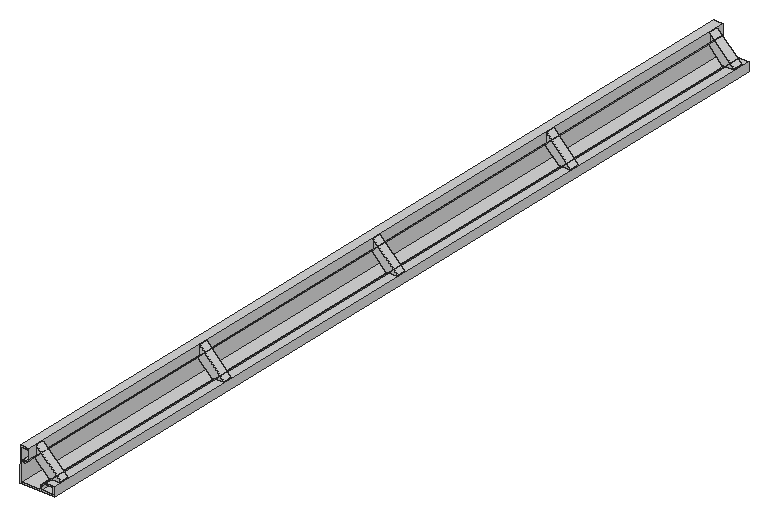
Revit family "ML_ML OUTSIDE CORNER 8'_1920082", category Generic Models, Revit 2018
Family settings
  Can host rebar = No
  Round Connector Dimension = Use Diameter
  Part Type = Normal
  OmniClass Number = 35.51.14.00
  OmniClass Title = FORMWORK
  Work Plane-Based = Yes
  Always vertical = No
  Cut with Voids When Loaded = No
  Shared = Yes
  Room Calculation Point = No
Parameters
  VERSION = "20190101"  # constant formula
  URL = "www.ulmaconstruction.com/en"
  UNICLASS = ""
  ITEM_CODE = "1920082"
  Manufacturer = "ULMA CONSTRUCTION"  # constant formula
  FILTER [instance] = ""
  Default Elevation = 0"
  CLASSIFICATION_TITLE = ""
  CLASSIFICATION_NUMBER = ""
Reference planes (in)
  plane 1 "Centro (Frontal/Posterior)": y = 0
  plane 2: z = 0
  plane 3 "Centro (Izquierda/Derecha)": x = 0
  plane 4 "ITEM_HEIGHT": y = 96
Forms (in)
  Extrusion 1, solid, material "ULMA ZINC", detail levels fine
    sketch origin (0, 0, 0) x (1, 0, 0) y (0, 0, 1)
      loop
        line (0, 3.79921) -> (0, 0) -> (3.79921, 0) -> (3.79921, 0.98425) -> (3.64173, 0.98425) -> (3.64173, 0.15748) -> (0.15748, 0.15748) -> (0.15748, 3.64173) -> (0.98425, 3.64173) -> (0.98425, 3.79921) -> (0, 3.79921)
    from -96 to 0
  Extrusion 2, solid, material "ULMA ZINC", detail levels fine
    sketch origin (0, 0, 0) x (1, 0, 0) y (0, 0, 1)
      loop
        line (0.15748, 2.3622) -> (0.15748, 2.26378) -> (0.54838, 2.26378)
        arc (0.54838, 2.26378) -> (0.62371, 2.27876) -> (0.68758, 2.32144) r 0.19685
        line (0.68758, 2.32144) -> (0.9266, 2.56045)
        arc (0.9266, 2.56045) -> (0.96927, 2.62432) -> (0.98425, 2.69965) r 0.19685
        line (0.98425, 2.69965) -> (0.98425, 3.64173) -> (0.88583, 3.64173) -> (0.88583, 2.69965)
        arc (0.88583, 2.69965) -> (0.87833, 2.66198) -> (0.857, 2.63005) r 0.09843
        line (0.857, 2.63005) -> (0.61798, 2.39103)
        arc (0.61798, 2.39103) -> (0.58605, 2.3697) -> (0.54838, 2.3622) r 0.09843
        line (0.54838, 2.3622) -> (0.15748, 2.3622)
      loop
        line (2.69965, 0.88583) -> (3.64173, 0.88583) -> (3.64173, 0.98425) -> (2.69965, 0.98425)
        arc (2.69965, 0.98425) -> (2.62432, 0.96927) -> (2.56045, 0.9266) r 0.19685
        line (2.56045, 0.9266) -> (2.32144, 0.68758)
        arc (2.32144, 0.68758) -> (2.27876, 0.62371) -> (2.26378, 0.54838) r 0.19685
        line (2.26378, 0.54838) -> (2.26378, 0.15748) -> (2.3622, 0.15748) -> (2.3622, 0.54838)
        arc (2.3622, 0.54838) -> (2.3697, 0.58605) -> (2.39103, 0.61798) r 0.09843
        line (2.39103, 0.61798) -> (2.63005, 0.857)
        arc (2.63005, 0.857) -> (2.66198, 0.87833) -> (2.69965, 0.88583) r 0.09843
    from -96 to 0
  Extrusion 3, solid, material "ULMA ZINC", detail levels fine
    sketch origin (1.03993, 1.37795, 47.24409) x (-1, 0, 0) y (0, 0, 1)
      loop
        line (0, -43.5038) -> (-2.70037, -46.20416) -> (-2.64469, -46.25984) -> (-1.3641, -46.25984) -> (0.05568, -44.84006) -> (0.05568, -43.55947) -> (0, -43.5038)
    from -0.49213 to 0.49213
  Extrusion 4, solid, material "ULMA ZINC", detail levels fine
    sketch origin (1.03993, 24, 47.24409) x (-1, 0, 0) y (0, 0, 1)
      loop
        line (0, -43.5038) -> (-2.70037, -46.20416) -> (-2.64469, -46.25984) -> (-1.3641, -46.25984) -> (0.05568, -44.84006) -> (0.05568, -43.55947) -> (0, -43.5038)
    from -0.49213 to 0.49213
  Extrusion 5, solid, material "ULMA ZINC", detail levels fine
    sketch origin (1.03993, 94.62205, 47.24409) x (-1, 0, 0) y (0, 0, 1)
      loop
        line (0, -43.5038) -> (-2.70037, -46.20416) -> (-2.64469, -46.25984) -> (-1.3641, -46.25984) -> (0.05568, -44.84006) -> (0.05568, -43.55947) -> (0, -43.5038)
    from -0.49213 to 0.49213
  Extrusion 6, solid, material "ULMA ZINC", detail levels fine
    sketch origin (1.03993, 48, 47.24409) x (-1, 0, 0) y (0, 0, 1)
      loop
        line (0, -43.5038) -> (-2.70037, -46.20416) -> (-2.64469, -46.25984) -> (-1.3641, -46.25984) -> (0.05568, -44.84006) -> (0.05568, -43.55947) -> (0, -43.5038)
    from -0.49213 to 0.49213
  Extrusion 7, solid, material "ULMA ZINC", detail levels fine
    sketch origin (1.03993, 72, 47.24409) x (-1, 0, 0) y (0, 0, 1)
      loop
        line (0, -43.5038) -> (-2.70037, -46.20416) -> (-2.64469, -46.25984) -> (-1.3641, -46.25984) -> (0.05568, -44.84006) -> (0.05568, -43.55947) -> (0, -43.5038)
    from -0.49213 to 0.49213
  Extrusion 8, solid, material "ULMA ZINC", detail levels coarse+medium
    sketch origin (0, 0, 0) x (1, 0, 0) y (0, 0, 1)
      loop
        line (0, 3.79921) -> (0, 0) -> (3.79921, 0) -> (3.79921, 0.98425) -> (0.98425, 0.98425) -> (0.98425, 3.79921) -> (0, 3.79921)
    from 0 to -96
Cuts and joins
  joined: Extrusion 1, Extrusion 2
Lines and regions (in)
  model lines, style "ULMA PANELS", detail levels fine
    curve 1: circle (1.5, 6, 0) r 0.3937 normal (0, 0, 1)
    curve 2: circle (1.5, 18, 0) r 0.3937 normal (0, 0, 1)
    curve 3: circle (1.5, 30, 0) r 0.3937 normal (0, 0, 1)
    curve 4: circle (1.5, 42, 0) r 0.3937 normal (0, 0, 1)
    curve 5: circle (1.5, 54, 0) r 0.3937 normal (0, 0, 1)
    curve 6: circle (1.5, 66, 0) r 0.3937 normal (0, 0, 1)
    curve 7: circle (1.5, 78, 0) r 0.3937 normal (0, 0, 1)
    curve 8: circle (1.5, 90, 0) r 0.3937 normal (0, 0, 1)
    curve 9: circle (1.5, 6, 0.15748) r 0.3937 normal (0, 0, 1)
    curve 10: circle (1.5, 18, 0.15748) r 0.3937 normal (0, 0, 1)
    curve 11: circle (1.5, 30, 0.15748) r 0.3937 normal (0, 0, 1)
    curve 12: circle (1.5, 42, 0.15748) r 0.3937 normal (0, 0, 1)
    curve 13: circle (1.5, 54, 0.15748) r 0.3937 normal (0, 0, 1)
    curve 14: circle (1.5, 66, 0.15748) r 0.3937 normal (0, 0, 1)
    curve 15: circle (1.5, 78, 0.15748) r 0.3937 normal (0, 0, 1)
    curve 16: circle (1.5, 90, 0.15748) r 0.3937 normal (0, 0, 1)
    curve 17: circle (0, 90, 1.5) r 0.3937 normal (1, 0, 0)
    curve 18: circle (0, 78, 1.5) r 0.3937 normal (1, 0, 0)
    curve 19: circle (0, 66, 1.5) r 0.3937 normal (1, 0, 0)
    curve 20: circle (0, 54, 1.5) r 0.3937 normal (1, 0, 0)
    curve 21: circle (0, 42, 1.5) r 0.3937 normal (1, 0, 0)
    curve 22: circle (0, 30, 1.5) r 0.3937 normal (1, 0, 0)
    curve 23: circle (0, 18, 1.5) r 0.3937 normal (1, 0, 0)
    curve 24: circle (0, 6, 1.5) r 0.3937 normal (1, 0, 0)
    curve 25: circle (0.15748, 90, 1.5) r 0.3937 normal (1, 0, 0)
    curve 26: circle (0.15748, 78, 1.5) r 0.3937 normal (1, 0, 0)
    curve 27: circle (0.15748, 66, 1.5) r 0.3937 normal (1, 0, 0)
    curve 28: circle (0.15748, 54, 1.5) r 0.3937 normal (1, 0, 0)
    curve 29: circle (0.15748, 42, 1.5) r 0.3937 normal (1, 0, 0)
    curve 30: circle (0.15748, 30, 1.5) r 0.3937 normal (1, 0, 0)
    curve 31: circle (0.15748, 18, 1.5) r 0.3937 normal (1, 0, 0)
    curve 32: circle (0.15748, 6, 1.5) r 0.3937 normal (1, 0, 0)
Dimensions and locks (in)
  aligned and locked: level to plane 2
